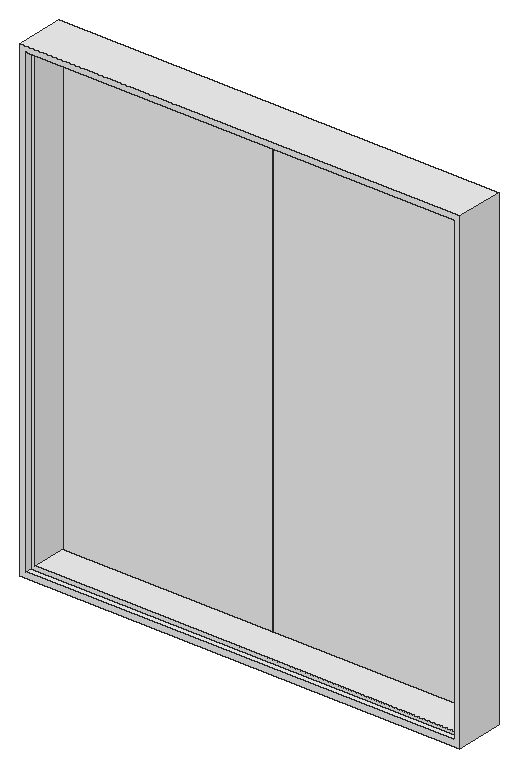
Revit family
Parameters (values of type "FSD4")
  프레임 투영 외부. = 25 mm
  프레임 투영 내부. = 25 mm
  프레임 폭 = 75 mm
  Height = 2600 mm
  Wall Closure = (empty or 0)
  Width = 2400 mm
  문 패널 = FSD4 문 패널
  문 프레임 = FSD4 문 프레임
Types (3, lengths in mm): name | Height | Width | 문 패널 | 문 프레임
  (no name) | 2600 | 2400 | FSD4 문 패널 | FSD4 문 프레임
  FSD3 | 2100 | 2000 | FSD3 문 패널 | FSD3 문 프레임
  FSD4 | 2600 | 2400 | FSD4 문 패널 | FSD4 문 프레임
Reference planes
  plane 1: y = 0
  plane 2 "중심(왼쪽/오른쪽)": x = 0
  plane 3 "왼쪽": x = -1200
  plane 4 "오른쪽": x = 1200
  plane 5: z = 2600
  plane 6 "외부": y = 100
  plane 7 "내부": y = -100
  plane 8: x = -1170
  plane 9: x = 1170
  plane 10: x = -1150
  plane 11: x = 1150
  plane 12: y = 130
  plane 13: y = -130
  plane 14: y = 95
  plane 15: y = -95
  plane 16: z = 900
  plane 17: x = 80
  plane 18: x = -80
  plane 19: x = 50
  plane 20: x = 110
  plane 21: x = -50
  plane 22: x = -110
  plane 23: z = 930
  plane 24: z = 870
  plane 25: z = 2570
  plane 26: z = 2550
  plane 27: z = 30
  plane 28: z = 50
  plane 29: z = 1300
Forms (mm)
  Sweep 1, solid, material "FSD4 문 프레임" <- "문 프레임"
    path origin (2625, 130, 1200) x (1, 0, 0) y (0, 0, 1)
      loop
        line (-1425, -1200) -> (-1425, 1400) -> (-3825, 1400) -> (-3825, -1200) -> (-1425, -1200)
    profile origin (1200, 130, 0) x (0, -1, 0) y (1, 0, 0)
      loop
        line (0, 0) -> (0, -30) -> (35, -30) -> (35, -50) -> (225, -50) -> (225, -30) -> (260, -30) -> (260, 0) -> (0, 0)
  Extrusion 2, solid, material "FSD4 문 패널" <- "문 패널"
    sketch origin (0, 0, 0) x (1, 0, 0) y (0, 1, 0)
      loop
        line (-1170, 130) -> (-1170, 95) -> (0, 95) -> (0, 130) -> (-1170, 130)
    from 30 to 2570
  Extrusion 3, solid, material "FSD4 문 패널" <- "문 패널"
    sketch origin (0, 0, 0) x (1, 0, 0) y (0, 1, 0)
      loop
        line (0, 95) -> (1170, 95) -> (1170, 130) -> (0, 130) -> (0, 95)
    from 30 to 2570
Lines and regions (mm)
  Opening 1
    outline origin (-3050, -100, 0) x (1, 0, 0) y (0, 0, 1)
      loop
        line (1850, 0) -> (4250, 0) -> (4250, 2600) -> (1850, 2600) -> (1850, 0)
  symbolic lines, style "평면 스윙"
    curve 1: line (1170, 130, 0) -> (1170, 1300.108, 0)
    curve 2: line (1170, 1300.108, 0) -> (1135, 1300.108, 0)
    curve 3: line (1135, 1300.108, 0) -> (1135, 130, 0)
    curve 4: line (1135, 130, 0) -> (1170, 130, 0)
    curve 5: arc (0, 130, 0) -> (330.182, 945.252, 0) -> (1135, 1300.108, 0) r 1170
    curve 6: line (-1170, 130, 0) -> (-1170, 1300.108, 0)
    curve 7: line (-1170, 1300.108, 0) -> (-1135, 1300.108, 0)
    curve 8: line (-1135, 1300.108, 0) -> (-1135, 130, 0)
    curve 9: line (-1135, 130, 0) -> (-1170, 130, 0)
    curve 10: arc (-1135, 1300.108, 0) -> (-330.182, 945.252, 0) -> (0, 130, 0) r 1170
  symbolic lines, style "Doors"
    curve 11: circle (-80, 130, 900) r 30 normal (0, -1, 0)
    curve 12: circle (80, 130, 900) r 30 normal (0, -1, 0)
    curve 13: line (80, 130, 840) -> (80, 130, 960)
    curve 14: line (-80, 130, 840) -> (-80, 130, 960)
    curve 15: line (20, 130, 900) -> (140, 130, 900)
    curve 16: line (-20, 130, 900) -> (-140, 130, 900)
  symbolic lines, style "입면도 스윙"
    curve 17: line (0, 130, 2570) -> (1200, 130, 1300)
    curve 18: line (1200, 130, 1300) -> (0, 130, 30)
    curve 19: line (0, 130, 30) -> (-1170, 130, 1300)
    curve 20: line (-1170, 130, 1300) -> (0, 130, 2570)
Text (mm)
  text "외부" at (-2295.016, 1099.543, 0), in view "참조 레벨"
  text "외부" at (0, 1615.38, 3698.081), in view "왼쪽"
  text "외부" at (0, 1036.032, 3874.932), in view "오른쪽"
Dimensions and locks
  equal spacing: plane 3 "왼쪽", plane 2 "중심(왼쪽/오른쪽)", plane 4 "오른쪽"
  "Width": plane 3 "왼쪽" to plane 4 "오른쪽"
  "Height": plane 5 to host wall
  host wall to plane 5 = 2600 mm  (x2)
  locked: plane 6 "외부" to host wall at 0
  locked: plane 7 "내부" to host wall
  plane 3 "왼쪽" to plane 8 to plane 10 = 30 mm locked, 20 mm locked
  plane 11 to plane 9 to plane 4 "오른쪽" = 20 mm locked, 30 mm locked
  plane 14 to plane 6 "외부" to plane 12 = 5 mm locked, 30 mm locked
  plane 15 to plane 7 "내부" to plane 13 = 5 mm locked, 30 mm locked
  plane 19 to plane 2 "중심(왼쪽/오른쪽)" to plane 21 = 50 mm, 50 mm
  plane 21 to plane 18 to plane 22 = 30 mm locked, 30 mm locked
  plane 20 to plane 17 to plane 19 = 30 mm locked, 30 mm locked
  plane 24 to plane 16 to plane 23 = 30 mm locked, 30 mm locked
  level to plane 27 to plane 28 = 30 mm locked, 20 mm locked
  locked: level to plane 16 at 900
  plane 26 to plane 25 to plane 5 = 20 mm locked, 30 mm locked
  equal spacing: level, plane 29, plane 5
  aligned and locked: plane 3 "왼쪽" to Opening 1 sketch curve
  aligned and locked: plane 5 to Opening 1 sketch curve  (x2)
  aligned and locked: Opening 1 sketch curve to plane 4 "오른쪽"
  aligned and locked: Opening 1 sketch curve to level
  aligned and locked: plane 1 to host wall
  aligned and locked: Sweep 1 sketch curve to host wall  (x3)
  aligned and locked: host wall to Sweep 1 sketch curve
  aligned and locked: Sweep 1 sketch curve to plane 4 "오른쪽"
  aligned and locked: Sweep 1 sketch curve to plane 13
  aligned and locked: plane 9 to Sweep 1 sketch curve  (x2)
  aligned and locked: Sweep 1 sketch curve to plane 15
  aligned and locked: plane 11 to Sweep 1 sketch curve
  aligned and locked: Sweep 1 sketch curve to plane 14
  aligned and locked: Sweep 1 sketch curve to plane 12
  aligned and locked: Sweep 1 to Extrusion 2 sketch curve
  aligned and locked: Extrusion 2 sketch curve to Sweep 1  (x2)
  aligned and locked: Extrusion 2 sketch curve to plane 2 "중심(왼쪽/오른쪽)"
  aligned and locked: Extrusion 3 sketch curve to Extrusion 2
  aligned and locked: Extrusion 2 to Extrusion 3 sketch curve
  aligned and locked: Sweep 1 to Extrusion 3 sketch curve
  aligned and locked: Extrusion 3 sketch curve to Sweep 1
  aligned and locked: Extrusion 2 to plane 25
  aligned and locked: Extrusion 3 to plane 25
  aligned and locked: Extrusion 3 to curve 5
  aligned and locked: plane 17 to curve 13
  aligned and locked: curve 13 to curve 14
  aligned and locked: plane 18 to curve 14
  aligned and locked: plane 16 to curve 16
  aligned and locked: Extrusion 2 to plane 27
  aligned and locked: Extrusion 3 to plane 27
  aligned and locked: plane 29 to curve 17
  aligned and locked: Sweep 1 to curve 20
Automatic sketch dimensions
  curve 6 to plane 8 = 0 mm
  curve 8 to plane 12 = 0 mm
  curve 5 to plane 2 "중심(왼쪽/오른쪽)" = 0 mm
  curve 4 to plane 12 = 0 mm
  curve 2 to plane 9 = 0 mm
  curve 10 to plane 8 = 0 mm
  curve 8 to plane 10 = 15 mm
  plane 11 to curve 5 = 15 mm
  plane 9 to curve 5 = 0 mm
  curve 10 to plane 12 = 0.632 mm
  curve 5 to plane 12 = 0.632 mm
  curve 11 to plane 16 = 0 mm
  curve 11 to plane 18 = 0 mm
  curve 19 to plane 2 "중심(왼쪽/오른쪽)" = 0 mm
  curve 17 to plane 2 "중심(왼쪽/오른쪽)" = 0 mm
  curve 15 to plane 16 = 0 mm
  curve 12 to plane 16 = 0 mm
  curve 12 to plane 17 = 0 mm
  curve 18 to plane 4 "오른쪽" = 0 mm
  curve 19 to plane 27 = 0 mm
  curve 20 to plane 29 = 0 mm
  curve 20 to plane 25 = 0 mm
  curve 16 to plane 22 = 30 mm
  curve 16 to plane 2 "중심(왼쪽/오른쪽)" = 20 mm
  plane 2 "중심(왼쪽/오른쪽)" to curve 15 = 20 mm
  plane 20 to curve 15 = 30 mm
  curve 13 to plane 24 = 30 mm
  plane 23 to curve 14 = 30 mm
  plane 23 to curve 13 = 30 mm
  radius of curve 11 = 30 mm
  radius of curve 12 = 30 mm
